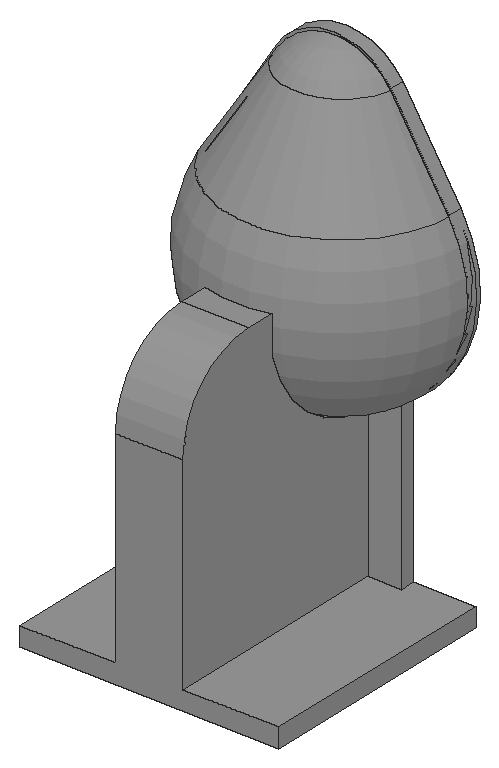
Revit family "Toilet-Willoughby-1490-HET-ETW-CM-TS", category Plumbing Fixtures, host Face, Revit 2014
Parameters (values of type "Standard")
  Waste DIA = 2 1/4"
  Waste Connection = yes
  W-RAD [instance] = Waste DIA / 2  # 0' - 1 1/8"
  Vent Connection = no
  URL = "www.willoughby-ind.com"
  Type Comments = ""
  Revision = "A"
  Model = "ETW-1490-HET-CM-TS"
  Manufacturer = "Willoughby Industries"
  HW Connection = no
  Flush inlet DIA = 1 1/2"
  Flush Inlet Connection = yes
  Fixture Body = Stainless Steel AISI 304-Willoughby
  F-RAD [instance] = Flush inlet DIA / 2  # 0' - 0 3/4"
  Description = "Carrier Mounted Toilet"
  Default Elevation = 0' - 0"
  Contact Number = "(800) 428-4065"
  CW Connection = no
Reference planes (in)
  plane 1 "Base": y = -16.25
  plane 2: z = 0
  plane 3 "Center": x = 18.31072
  plane 4 "Waste height": y = -4.75
  plane 5 "Seat HGT": y = -1.25
  plane 6: y = -2.125
  plane 7 "Unit Base Off Floor": y = -14.0625
  plane 8: x = 16.56072
  plane 9: x = 20.06072
  plane 10: x = 11.56072
  plane 11: x = 25.06072
  plane 12: z = 2.70924
Forms (in)
  Extrusion 1, solid, material "Stainless Steel AISI 304-Willoughby" <- "Fixture Body"
    sketch origin (16.08109, 7.47968, -7.1422) x (-1, 0, 0) y (0, 0, -1)
      loop
        line (1.29775, -16.80087) -> (1.29775, -7.1422) -> (-5.72963, -7.1422) -> (-5.72963, -16.81676)
        arc (-5.72963, -16.81676) -> (-8.98136, -21.11843) -> (-8.21015, -26.45542) r 7
        line (-8.21015, -26.45542) -> (-5.16818, -31.31054)
        arc (-5.16818, -31.31054) -> (-2.20225, -32.95225) -> (0.76368, -31.31054) r 3.5
        line (0.76368, -31.31054) -> (3.80565, -26.45542)
        arc (3.80565, -26.45542) -> (4.5729, -21.10311) -> (1.29775, -16.80087) r 7
      loop
        arc (2.03989, -24.70557) -> (-2.20225, -18.23804) -> (-6.44438, -24.70557) r 4.625
        line (-6.44438, -24.70557) -> (-4.04125, -30.23842)
        arc (-4.04125, -30.23842) -> (-2.20225, -31.45225) -> (-0.36324, -30.23842) r 2
        line (-0.36324, -30.23842) -> (2.03989, -24.70557)
    from 8.72968 to 9.5
  Revolve 2, solid, material "Stainless Steel AISI 304-Willoughby" <- "Fixture Body"
    sketch origin (19.37246, -1.52032, -3.93826) x (-1, 0, 0) y (0, 0, -1)
      loop
        line (1.06174, -12.59906) -> (1.06174, -12.84906)
        arc (1.06174, -12.84906) -> (6.96784, -16.33096) -> (6.78077, -23.18447) r 6.75
        line (6.78077, -23.18447) -> (3.81535, -27.91457)
        arc (3.81535, -27.91457) -> (2.63527, -29.03194) -> (1.06174, -29.43826) r 3.25
        line (1.06174, -29.43826) -> (1.06174, -29.68826)
        arc (1.06174, -29.68826) -> (2.75672, -29.25045) -> (4.02767, -28.04656) r 3.5
        line (4.02767, -28.04656) -> (7.06964, -23.19143)
        arc (7.06964, -23.19143) -> (7.15052, -16.14555) -> (1.06174, -12.59906) r 7
      axis (1.06174, -12.59906) -> (1.06174, -29.68826)
    angle from 0 to -180
  Extrusion 3, solid, material "Stainless Steel AISI 304-Willoughby" <- "Fixture Body"
    sketch origin (19.53334, -3.02032, -4.9508) x (0, 1, 0) y (0, 0, 1)
      loop
        line (-5.27082, 4.9508) -> (1, 4.9508) -> (1, 13.76086)
        arc (1, 13.76086) -> (-2.95031, 15.35784) -> (-5.27082, 18.93143) r 7.08673
        line (-5.27082, 18.93143) -> (-5.27082, 4.9508)
    from 0.52738 to -2.97262
  Extrusion 4, solid, material "Stainless Steel AISI 304-Willoughby" <- "Fixture Body"
    sketch origin (17.03334, 24.08792, -4.30581) x (0, 1, 0) y (0, 0, 1)
      loop
        line (-32.37906, 4.30581) -> (-32.37906, 20.30581) -> (-33.87467, 20.30581)
        arc (-33.87467, 20.30581) -> (-36.89808, 19.05347) -> (-38.15042, 16.03006) r 4.27575
        line (-38.15042, 16.03006) -> (-38.15042, 4.30581) -> (-32.37906, 4.30581)
    from -0.47262 to 3.02738
  Extrusion 5, solid, material "Stainless Steel AISI 304-Willoughby" <- "Fixture Body"
    sketch origin (0, 14.59309, 0) x (1, 0, 0) y (0, 1, 0)
      loop
        circle (18.31072, -19.34309) r 1.125
    from 5.5 to 0
  Extrusion 6, solid, material "Stainless Steel AISI 304-Willoughby" <- "Fixture Body"
    sketch origin (0, 1.11185, 0) x (1, 0, 0) y (0, 0, 1)
      loop
        circle (18.31072, 2.70924) r 0.75
    from 2.36185 to 1.42435
  Extrusion 7, solid, material "Stainless Steel AISI 304-Willoughby" <- "Fixture Body"
    sketch origin (0, -16.25, 0) x (1, 0, 0) y (0, 0, 1)
      loop
        line (25.06072, 0) -> (25.06072, 1) -> (11.56072, 1) -> (11.56072, 0) -> (25.06072, 0)
    from -15 to -2.1875
Cuts and joins
  joined: Extrusion 1, Extrusion 3, Extrusion 4, Extrusion 7
Lines and regions (in)
  symbolic lines
    curve 1: line (11.28334, -2.02032, 0) -> (11.28334, -1.25, 0)
    curve 2: line (11.28334, -1.25, 0) -> (25.28334, -1.25, 0)
    curve 3: line (25.28334, -1.25, 0) -> (25.28334, -2.02032, 0)
    curve 4: arc (25.28334, -2.02032, 0) -> (23.08638, -6.65402, 0) -> (18.31072, -8.52239, 0) r 6.95507
    curve 5: arc (18.31072, -8.52239, 0) -> (13.53243, -6.63812, 0) -> (11.28334, -2.02032, 0) r 7.08425
    curve 6: line (20.06072, -8.30702, 0) -> (20.06072, -14.0625, 0)
    curve 7: line (20.06072, -14.0625, 0) -> (16.56072, -14.0625, 0)
    curve 8: line (16.56072, -14.0625, 0) -> (16.56072, -8.29444, 0)
    curve 9: line (25.06072, -3.36897, 0) -> (25.06072, -14.0625, 0)
    curve 10: line (25.06072, -14.0625, 0) -> (20.06072, -14.0625, 0)
    curve 11: line (16.56072, -14.0625, 0) -> (11.56072, -14.0625, 0)
    curve 12: line (11.56072, -14.0625, 0) -> (11.56072, -3.4824, 0)
    curve 13: line (11.56072, -16.25, 0) -> (25.06072, -16.25, 0)
    curve 14: line (25.06072, -16.25, 0) -> (25.06072, -16.25, 1)
    curve 15: line (25.06072, -16.25, 1) -> (21.81072, -16.25, 1)
    curve 16: line (21.81072, -16.25, 1) -> (21.81072, -16.25, 9.67456)
    curve 17: arc (21.81072, -16.25, 9.67456) -> (25.08384, -16.25, 13.97073) -> (24.29124, -16.25, 19.31322) r 6.94832
    curve 18: line (24.29124, -16.25, 19.31322) -> (21.24927, -16.25, 24.16835)
    curve 19: arc (21.24927, -16.25, 24.16835) -> (19.97832, -16.25, 25.37224) -> (18.28334, -16.25, 25.81005) r 3.5
    curve 20: arc (18.28334, -16.25, 25.81005) -> (16.58835, -16.25, 25.37224) -> (15.31741, -16.25, 24.16835) r 3.5
    curve 21: line (15.31741, -16.25, 24.16835) -> (12.35249, -16.25, 19.43905)
    curve 22: arc (12.35249, -16.25, 19.43905) -> (11.49002, -16.25, 14.03241) -> (14.78334, -16.25, 9.65867) r 7
    curve 23: line (14.78334, -16.25, 9.65867) -> (14.78334, -16.25, 1)
    curve 24: line (14.78334, -16.25, 1) -> (11.56072, -16.25, 1)
    curve 25: line (11.56072, -16.25, 1) -> (11.56072, -16.25, 0)
    curve 31: line (18.31072, -8.29114, 16) -> (18.31072, -9.78675, 16)
    curve 32: arc (18.31072, -9.78675, 16) -> (18.31072, -12.81016, 14.74766) -> (18.31072, -14.0625, 11.72425) r 4.27575
    curve 33: line (18.31072, -14.0625, 11.72425) -> (18.31072, -14.0625, 0)
    curve 34: line (18.31072, -14.0625, 0) -> (18.31072, -1.25, 0)
    curve 35: line (18.31072, -1.25, 0) -> (18.31072, -1.25, 25.81005)
    curve 36: line (18.31072, -1.25, 25.81005) -> (18.31072, -2.02032, 25.81005)
    curve 37: arc (18.31072, -2.02032, 25.81005) -> (18.31072, -3.2686, 25.30992) -> (18.31072, -4.26533, 24.40722) r 3.80941
    curve 38: line (18.31072, -4.26533, 24.40722) -> (18.31072, -7.52822, 19.25317)
    curve 39: arc (18.31072, -7.52822, 19.25317) -> (18.31072, -8.24453, 17.69354) -> (18.31072, -8.52281, 16) r 6.43081
    curve 40: line (18.31072, -14.0625, 1) -> (18.31072, -2.02032, 1)
    curve 41: line (18.31072, -2.02032, 1) -> (18.31072, -2.02032, 9.65867)
    curve 42: line (18.31072, -2.02032, 9.65867) -> (18.31072, -1.25, 9.65867)
    curve 43: arc (18.31072, -2.02032, 8.81005) -> (18.31072, -5.98373, 10.32656) -> (18.31072, -8.29114, 13.88806) r 6.84364
    curve 44: arc (18.31072, -8.29114, 13.88806) -> (18.31072, -8.25471, 14.94403) -> (18.31072, -8.29114, 16) r 15.32261
  symbolic lines, detail levels fine
    curve 26: line (22.52547, -16.25, 17.56337) -> (20.12234, -16.25, 23.09622)
    curve 27: arc (20.12234, -16.25, 23.09622) -> (19.38317, -16.25, 23.97635) -> (18.28334, -16.25, 24.31005) r 2.01767
    curve 28: arc (18.28334, -16.25, 24.31005) -> (17.17969, -16.25, 23.98213) -> (16.44433, -16.25, 23.09622) r 1.9827
    curve 29: line (16.44433, -16.25, 23.09622) -> (14.0412, -16.25, 17.56337)
    curve 30: arc (14.0412, -16.25, 17.56337) -> (18.28334, -16.25, 11.09585) -> (22.52547, -16.25, 17.56337) r 4.625
Dimensions and locks (in)
  plane 1 "Base" to plane 4 "Waste height" = 0' - 11 1/2"
  plane 1 "Base" to plane 5 "Seat HGT" = 1' - 3"
  plane 10 to plane 11 = 1' - 1 1/2"
  plane 10 to plane 3 "Center" = 0' - 6 3/4"
  "W-RAD": radius of Extrusion 5 sketch curve
  "F-RAD": radius of Extrusion 6 sketch curve
  aligned and locked: plane 2 to host face
  aligned and locked: level to host face
  aligned and locked: plane 3 "Center" to Extrusion 5 sketch curve
  aligned and locked: plane 4 "Waste height" to Extrusion 5 sketch curve
  aligned and locked: plane 3 "Center" to Extrusion 6 sketch curve
  aligned and locked: plane 12 to Extrusion 6 sketch curve
  aligned and locked: cut or joined group of Extrusion 1, Extrusion 3, Extrusion 4, Extrusion 7 to level
  aligned and locked: cut or joined group of Extrusion 1, Extrusion 3, Extrusion 4, Extrusion 7 to cut or joined group of Extrusion 1, Extrusion 3, Extrusion 4, Extrusion 7
  aligned and locked: plane 7 "Unit Base Off Floor" to cut or joined group of Extrusion 1, Extrusion 3, Extrusion 4, Extrusion 7
Automatic sketch dimensions
  host sketch curve to host sketch curve = 3' - 10.06003"
  host sketch curve to host sketch curve = 3' - 6.7245"
  Extrusion 1 sketch curve to Extrusion 1 sketch curve = 0' - 0"  (x8)
  Extrusion 1 sketch curve to level = 0' - 0"
  plane 3 "Center" to Extrusion 1 sketch curve = 0' - 5.98052"
  Extrusion 1 sketch curve to Extrusion 1 sketch curve = 0' - 1.76576"  (x2)
  plane 3 "Center" to Extrusion 1 sketch curve = 0' - 3 1/2"
  plane 3 "Center" to Extrusion 1 sketch curve = 0' - 2.93855"
  Extrusion 1 sketch curve to Extrusion 1 sketch curve = 0' - 1.12693"  (x2)
  Extrusion 1 sketch curve to plane 3 "Center" = 0' - 0.02738"  (x2)
  Extrusion 1 sketch curve to plane 3 "Center" = 0' - 1.86639"
  Extrusion 1 sketch curve to plane 3 "Center" = 0' - 3.52738"
  Extrusion 1 sketch curve to plane 3 "Center" = 0' - 4 69/256"
  Extrusion 1 sketch curve to Extrusion 1 sketch curve = 0' - 9.65867"
  Extrusion 1 sketch curve to Extrusion 1 sketch curve = 0' - 0.01589"
  Extrusion 1 sketch curve to Extrusion 1 sketch curve = 0' - 6.06218"
  Extrusion 1 sketch curve to Extrusion 1 sketch curve = 0' - 1.74985"
  Extrusion 1 sketch curve to Extrusion 1 sketch curve = 0' - 4.74668"
  Extrusion 1 sketch curve to Extrusion 1 sketch curve = 0' - 0.78617"
  Extrusion 1 sketch curve to Extrusion 1 sketch curve = 0' - 1.07212"
  Revolve 2 sketch curve to Revolve 2 sketch curve = 0' - 0"  (x2)
  Revolve 2 sketch curve to plane 3 "Center" = 0' - 0"  (x3)
  plane 3 "Center" to Revolve 2 sketch curve = 0' - 0"
  Revolve 2 sketch curve to plane 3 "Center" = 0' - 2.75361"
  Revolve 2 sketch curve to Revolve 2 sketch curve = 0' - 0.21232"
  Revolve 2 sketch curve to Revolve 2 sketch curve = 0' - 2.96542"
  Revolve 2 sketch curve to Revolve 2 sketch curve = 0' - 0.28887"
  level to Revolve 2 sketch curve = 2' - 1 3/4"
  Revolve 2 sketch curve to Revolve 2 sketch curve = 0' - 0 1/4"
  Revolve 2 sketch curve to Revolve 2 sketch curve = 0' - 1.3917"
  Revolve 2 sketch curve to Revolve 2 sketch curve = 0' - 0.13199"
  Revolve 2 sketch curve to Revolve 2 sketch curve = 0' - 4.85513"
  Revolve 2 sketch curve to Revolve 2 sketch curve = 0' - 0.00696"
  Revolve 2 sketch curve to Revolve 2 sketch curve = 0' - 3 1/4"
  Revolve 2 sketch curve to Revolve 2 sketch curve = 0' - 3.3392"
  Revolve 2 sketch curve to Revolve 2 sketch curve = 0' - 2.4108"
  Extrusion 4 sketch curve to plane 7 "Unit Base Off Floor" = 0' - 0"
  Extrusion 4 sketch curve to level = 0' - 0"
  Extrusion 4 sketch curve to plane 7 "Unit Base Off Floor" = 0' - 4.27575"
  Extrusion 4 sketch curve to Extrusion 4 sketch curve = 0' - 1.49561"
  Extrusion 4 sketch curve to Extrusion 4 sketch curve = 0' - 11.72425"
  Extrusion 7 sketch curve to plane 10 = 0' - 0"
  Extrusion 7 sketch curve to plane 11 = 0' - 0"
  Extrusion 7 sketch curve to level = 0' - 0"
  level to Extrusion 7 sketch curve = 0' - 1"
  plane 5 "Seat HGT" to curve 1 = 0' - 0"
  curve 12 to plane 10 = 0' - 0"
  plane 7 "Unit Base Off Floor" to curve 11 = 0' - 0"
  curve 8 to plane 8 = 0' - 0"
  curve 5 to plane 3 "Center" = 0' - 0"
  curve 4 to plane 3 "Center" = 0' - 0"
  curve 6 to plane 9 = 0' - 0"
  curve 10 to plane 11 = 0' - 0"
  plane 6 to curve 1 = 0' - 0.10468"
  curve 1 to plane 10 = 0' - 0.27738"
  plane 3 "Center" to curve 4 = 0' - 0.03232"
  plane 3 "Center" to curve 5 = 0' - 0.03292"
  curve 9 to curve 3 = 0' - 0.22262"
  plane 6 to curve 3 = 0' - 0.10468"
  curve 19 to curve 20 = 0' - 0"
  curve 22 to curve 30 = 0' - 0"  (x2)
  curve 13 to level = 0' - 0"
  curve 13 to plane 10 = 0' - 0"
  curve 14 to plane 11 = 0' - 0"
  plane 10 to curve 21 = 0' - 0.79177"
  curve 23 to plane 8 = 0' - 1.77738"
  curve 21 to plane 8 = 0' - 1.24331"
  curve 29 to plane 8 = 0' - 0.11639"
  curve 27 to plane 3 "Center" = 0' - 0.03902"
  curve 27 to curve 28 = 0' - 0.0002"
  curve 22 to plane 3 "Center" = 0' - 0.02738"
  curve 28 to curve 20 = 0' - 0.01144"
  plane 3 "Center" to curve 17 = 0' - 0.04406"
  plane 9 to curve 26 = 0' - 0.06162"
  plane 9 to curve 18 = 0' - 1.18855"
  plane 9 to curve 16 = 0' - 1 3/4"
  curve 18 to plane 11 = 0' - 0.76948"
  level to curve 15 = 0' - 1"
  level to curve 24 = 0' - 1"
  plane 12 to curve 23 = 0' - 6.94943"
  curve 16 to curve 17 = 0' - 6.0279"
  curve 17 to curve 30 = 0' - 0.01838"
  curve 22 to curve 27 = 0' - 2.85337"
  curve 27 to curve 20 = 0' - 0.01763"
  curve 20 to curve 28 = 0' - 0.01733"
  curve 28 to curve 29 = 0' - 0.76884"
  curve 20 to curve 26 = 0' - 0.78617"
  curve 29 to curve 21 = 0' - 1.07212"
  plane 10 to curve 30 = 0' - 2 123/256"
  plane 9 to curve 26 = 0' - 2.46475"
  curve 26 to curve 18 = 0' - 1.74985"
  curve 30 to curve 21 = 0' - 1.87568"
  curve 40 to plane 7 "Unit Base Off Floor" = 0' - 0"
  curve 42 to plane 5 "Seat HGT" = 0' - 0"
  curve 33 to level = 0' - 0"
  plane 1 "Base" to curve 44 = 0' - 7.32732"
  curve 32 to curve 32 = 0' - 4.27575"
  plane 4 "Waste height" to curve 38 = 0' - 2.77822"
  curve 38 to plane 4 "Waste height" = 0' - 0.48467"
  plane 6 to curve 39 = 0' - 0.03029"
  plane 6 to curve 36 = 0' - 0.10468"
  plane 6 to curve 42 = 0' - 0.10468"
  plane 5 "Seat HGT" to curve 43 = 0' - 0.42688"
  curve 37 to plane 5 "Seat HGT" = 0' - 0.00008"
  level to curve 41 = 0' - 1"
  plane 12 to curve 42 = 0' - 6.94943"
  curve 41 to curve 32 = 0' - 2.06558"
  curve 33 to curve 44 = 0' - 3.21978"
  curve 43 to curve 39 = 0' - 0.16828"
  curve 31 to curve 38 = 0' - 3.25317"
  curve 39 to curve 37 = 0' - 6.266"
  curve 37 to curve 38 = 0' - 2.32786"
  curve 39 to curve 44 = 0' - 0.23168"
  curve 39 to curve 31 = 0' - 0.23168"
  curve 43 to curve 41 = 0' - 0.84862"
  Extrusion 3 sketch curve to level = 0' - 0"
  plane 4 "Waste height" to Extrusion 3 sketch curve = 0' - 3.54114"
  plane 6 to Extrusion 3 sketch curve = 0' - 0.10468"
  plane 5 "Seat HGT" to Extrusion 3 sketch curve = 0' - 0.21223"
  plane 12 to Extrusion 3 sketch curve = 1' - 1.16553"
  Extrusion 3 sketch curve to Extrusion 3 sketch curve = 0' - 7.06472"
Connectors (in)
  piping at (18.31072, -4.75, 0), diameter 2.25, driven by "W-RAD", driven by "Waste Connection"
    settings: on Extrusion 5, index 1, connector inside diameter 2 1/4", connector length 0' - 0", flow factor 0, pipe flow 0 GPM, pressure drop 0.00 psi, fitting loss kfactor 0, connector angle 0.00°, fixture units 0, engagement length 0' - 0", angle of deflection 0.00°, flow configuration 0, flow direction 2, fitting loss method 0, system type 16, joint type 0, gender type 0, connector reference index -1, connector utility 1, adjustable connector no, is connector primary yes, connector description "Toilet Waste"
  piping at (18.31072, -0.3125, 2.70924), diameter 3, driven by "Flush inlet DIA", driven by "Flush Inlet Connection"
    settings: on Extrusion 6, index 2, connector inside diameter 1 1/2", connector length 0' - 0", flow factor 0, pipe flow 0 GPM, pressure drop 0.00 psi, fitting loss kfactor 0, connector angle 0.00°, fixture units 0, engagement length 0' - 0", angle of deflection 0.00°, flow configuration 0, flow direction 1, fitting loss method 0, system type 20, joint type 0, gender type 0, connector reference index -1, connector utility 1, adjustable connector no, is connector primary no, connector description "Flush Inlet"
